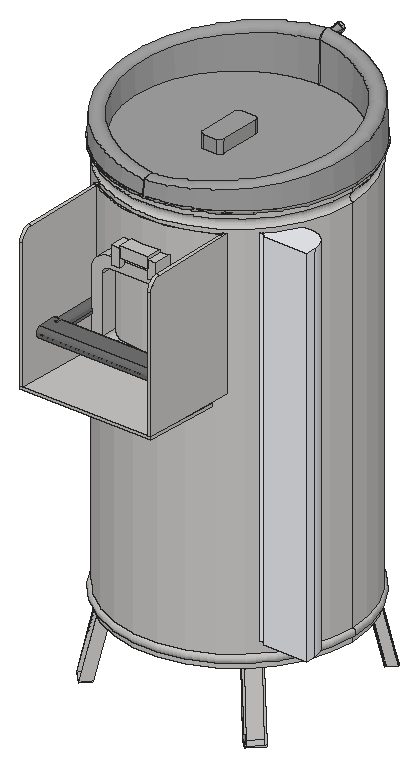
Revit family "QF_DITOSAMA_603649_DT25EF350", category Specialty Equipment, Revit 2018
Family settings
  Round Connector Dimension = Use Diameter
  Part Type = Normal
  Work Plane-Based = No
  Always vertical = Yes
  Cut with Voids When Loaded = No
  Shared = No
  Room Calculation Point = No
Parameters (values of type "QF_DITO SAMA_603649_DT25EF350")
  Weight = 83.00 kg
  Watts = 0 W
  Volts = 220 V
  URL Manufacturer = "http://www.ditosama.com"
  URL = "http://www.ditosama.com"
  Steam Supply Size = 0 mm
  Steam Supply Minimum Pressure = 0.0 Pa
  Steam Supply Maximum Pressure = 0.0 Pa
  Steam Pounds per Hour = 0
  Refrigeration Suction Line Size = 0 mm
  Refrigeration Liquid Line Size = 0 mm
  Refrigerant Compressor Remote = yes
  Manufacturer = "Dito Sama"
  Phase = 3
  Model = "DT25EF350"
  Length Actual = 585.0 mm  # constant formula
  Item Number = "603649"
  Hot Water Size = 0 mm
  Height Actual = 1215.0 mm  # constant formula
  HP = "1.2 HP"
  Gas Size = 0 mm
  Gas KW = 0
  Gas Input Pressure = 0 W
  Direct Waste Size = 80 mm
  Description = "VEG.PEELER-FLAT P+ABR.PL.25KG 230-400/50"
  Depth Actual = 785.0 mm  # constant formula
  Cycle = 50 Hz
  Condensate Return Size = 0 mm
  Compressed Air Volume = 0.0 L/s
  Compressed Air Size = 0 mm
  Compressed Air Pressure = 0.0 Pa
  Cold Water Size = 4267.2 mm
  Accessory = yes
Reference planes
  plane 1 "Center (Front/Back)": y = 0
  plane 2: z = 0
  plane 3 "Center (Left/Right)": x = 0
  plane 4 "BASE": z = 150
  plane 5 "TOP": z = 1065
  plane 6 "FRONT": y = -357.5
  plane 7 "BACK": y = 357.5
  plane 8 "LEFT": x = -292.5
  plane 9 "RIGHT": x = 292.5
  plane 10 "maxTOP": z = 1215
  plane 11 "CenterX": x = -17.5
  plane 12 "panel": y = -153.854
  plane 13 "CenterY": y = 82.5
Forms (mm)
  Extrusion 1, solid, material "QF_Finishes_White"
    sketch origin (15, 33.322, 150) x (-1, 0, 0) y (0, -1, 0)
      loop
        line (-277.5, 138.822) -> (-277.5, 113.822)
        arc (-277.5, 113.822) -> (-263.156, 79.193) -> (-228.526, 64.849) r 48.974
        line (-228.526, 64.849) -> (-207.38, 64.849)
        arc (-207.38, 64.849) -> (-187.353, 99.85) -> (-162.258, 131.415) r 265.602
        line (-162.258, 131.415) -> (-163.019, 132.176) -> (-166.936, 128.259) -> (-177.5, 138.822) -> (-277.5, 138.822)
    from 56.568 to 900.804
  Extrusion 2, solid, material "QF_Finishes_Stainless Steel"
    sketch origin (0, 0, 0) x (0, 1, 0) y (0, 0, 1)
      loop
        line (-357.5, 721.288) -> (-182.5, 713.568) -> (-182.5, 719.093) -> (-357.5, 726.813) -> (-357.5, 721.288)
    from -168.759 to 133.759
  Extrusion 3, solid, material "QF_Finishes_Stainless Steel"
    sketch origin (-44.759, 0, 0) x (0, 1, 0) y (0, 0, -1)
      loop
        line (-357.5, -726.813) -> (-357.5, -1025.804)
        arc (-357.5, -1025.804) -> (-350.178, -1043.482) -> (-332.5, -1050.804) r 25
        line (-332.5, -1050.804) -> (-127.5, -1050.804) -> (-127.5, -718.781) -> (-357.5, -726.813)
    from 117 to 124
  Extrusion 4, solid, material "QF_Finishes_Stainless Steel"
    sketch origin (0, 0, 150) x (-1, 0, 0) y (0, -1, 0)
      loop
        arc (172.251, 140.808) -> (22.607, 184.63) -> (-127.959, 144.09) r 288.186
        line (-127.959, 144.09) -> (-124.477, 136.795)
        arc (-124.477, 136.795) -> (22.609, 176.57) -> (168.759, 133.482) r 280.158
        line (168.759, 133.482) -> (172.251, 140.808)
    from 569.093 to 900.804
  Extrusion 5, solid, material "QF_Finishes_Stainless Steel"
    sketch origin (-17.5, 0, 0) x (0, 0, 1) y (0, -1, 0)
      loop
        circle (832.894, 322.843) r 7
    from -130 to 130
  Extrusion 6, solid, material "QF_Finishes_Rubber Black"
    sketch origin (-17.5, 0, 0) x (0, 0, 1) y (0, -1, 0)
      loop
        arc (844.894, 327.843) -> (822.077, 330.054) -> (832.894, 309.843) r 13
        line (832.894, 309.843) -> (832.894, 285.666)
        arc (832.894, 285.666) -> (838.894, 279.666) -> (844.894, 285.666) r 6
        line (844.894, 285.666) -> (844.894, 327.843)
    from -130 to 130
  Extrusion 7, solid, material "QF_Finishes_Rubber Black"
    sketch origin (-27.476, -357.5, 70) x (-1, 0, 0) y (0, 0, 1)
      loop
        circle (-127.5, 762.394) r 12.5
      loop
        circle (107.547, 762.394) r 12.5
    from 62.138 to 203.646
  Extrusion 8, solid, material "QF_Finishes_Stainless Steel"
    sketch origin (-17.5, 0, 195) x (1, 0, 0) y (0, 0, 1)
      loop
        line (-10, 1005) -> (-7.071, 997.929) -> (0, 995) -> (7.071, 997.929) -> (10, 1005) -> (7.071, 1012.071) -> (0, 1015) -> (-7.071, 1012.071) -> (-10, 1005)
      loop
        circle (0, 1005) r 8
    from -373.585 to -381.017
  Extrusion 9, void
    sketch origin (-17.5, 357.5, 345) x (-1, 0, 0) y (0, 0, 1)
      loop
        circle (0, 330) r 10
    from -157.442 to -143.934
  Extrusion 10, solid, material "QF_Finishes_Gray"
    sketch origin (-17.5, 0, 345) x (1, 0, 0) y (0, 0, 1)
      loop
        circle (0, 330) r 10
    from -208.033 to -187.558
  Revolve 11, solid, material "QF_Finishes_Stainless Steel"
    sketch origin (0, 82.5, 0) x (-1, 0, 0) y (0, 0, 1)
      loop
        line (17.5, 150) -> (283.102, 150) -> (283.102, 160.974)
        arc (283.102, 160.974) -> (289.638, 170.258) -> (283.102, 179.542) r 9.862
        line (283.102, 179.542) -> (283.102, 1059.542)
        arc (283.102, 1059.542) -> (276.862, 1070.408) -> (283.102, 1081.274) r 12.581
        line (283.102, 1081.274) -> (283.102, 1093.788)
        arc (283.102, 1093.788) -> (289.747, 1096.54) -> (292.5, 1103.185) r 9.398
        line (292.5, 1103.185) -> (17.5, 1103.185) -> (17.5, 150)
      axis (17.5, 150) -> (17.5, 1103.185)
    angle from 0 to 360
  SweptBlend 12, solid, material "QF_Finishes_Gray"
    path origin (64.366, 63.98, 1065) x (0.006024, 0.999982, 0) y (0.999982, -0.006024, 0)
      loop
        arc (-238.132, -80.433) -> (15.93, -336.075) -> (273.054, -83.512) r 255.602
    profile origin (-17.5, -173.664, 1065) x (-0.005849, -0.999983, 0) y (0, 0, 1)
      loop
        arc (14.696, 67.651) -> (0, 71.191) -> (-14.696, 67.651) r 32.279
        line (-14.696, 67.651) -> (-18.35, 32.886) -> (18.35, 32.886) -> (14.696, 67.651)
    end profile origin (-17.5, 337.532, 1065) x (-0.005849, 0.999983, 0) y (0, 0, 1)
      loop
        line (-19.398, 32.914) -> (19.398, 32.914) -> (17.099, 133.288)
        arc (17.099, 133.288) -> (0, 150) -> (-17.099, 133.288) r 17.104
        line (-17.099, 133.288) -> (-19.398, 32.914)
  SweptBlend 13, solid, material "QF_Finishes_Gray"
    path origin (0, 0, 1065) x (-1, 0, 0) y (0, -1, 0)
      loop
        arc (17.5, 173.664) -> (-236.607, -81.934) -> (17.5, -337.532) r 255.602
    profile origin (-17.5, -173.664, 1065) x (-0.005849, 0.999983, 0) y (0, 0, 1)
      loop
        line (-14.798, 67.651) -> (-18.452, 32.886) -> (18.247, 32.886) -> (14.593, 67.651)
        spline (14.593, 67.651) -> (12.286, 68.719) -> (9.902, 69.601) -> (7.456, 70.293) -> (4.962, 70.791) -> (2.438, 71.091) -> (-0.102, 71.191) -> (-2.643, 71.091) -> (-5.167, 70.791) -> (-7.66, 70.293) -> (-10.107, 69.601) -> (-12.491, 68.719) -> (-14.798, 67.651)
    end profile origin (-17.5, 337.532, 1065) x (-0.005849, -0.999983, 0) y (0, 0, 1)
      loop
        line (-19.499, 32.914) -> (19.295, 32.914) -> (16.996, 133.288)
        spline (16.996, 133.288) -> (16.332, 137.632) -> (14.582, 141.664) -> (11.863, 145.117) -> (8.354, 147.762) -> (4.287, 149.427) -> (-0.071, 150) -> (-4.43, 149.443) -> (-8.504, 147.794) -> (-12.023, 145.161) -> (-14.755, 141.719) -> (-16.519, 137.694) -> (-17.2, 133.352)
        line (-17.2, 133.352) -> (-19.499, 32.914)
  Extrusion 14, solid, material "QF_Finishes_Gray"
    sketch origin (0, 0, 1065) x (-1, 0, 0) y (0, -1, 0)
      loop
        line (2.5, -112.5) -> (32.5, -112.5)
        arc (32.5, -112.5) -> (39.571, -109.571) -> (42.5, -102.5) r 10
        line (42.5, -102.5) -> (42.5, -12.5)
        arc (42.5, -12.5) -> (39.571, -5.429) -> (32.5, -2.5) r 10
        line (32.5, -2.5) -> (2.5, -2.5)
        arc (2.5, -2.5) -> (-4.571, -5.429) -> (-7.5, -12.5) r 10
        line (-7.5, -12.5) -> (-7.5, -102.5)
        arc (-7.5, -102.5) -> (-4.571, -109.571) -> (2.5, -112.5) r 10
    from 43.406 to 72.383
  Extrusion 15, solid, material "QF_Finishes_Gray"
    sketch origin (0, 0, 1065) x (-1, 0, 0) y (0, -1, 0)
      loop
        circle (16.002, -81.495) r 236.723
    from 43.406 to 38.185
  Extrusion 16, solid, material "QF_Finishes_Stainless Steel"
    sketch origin (9.759, 0, 0) x (0, 1, 0) y (0, 0, 1)
      loop
        line (-357.5, 726.813) -> (-136.795, 719.106) -> (-136.795, 1050.804) -> (-332.5, 1050.804)
        arc (-332.5, 1050.804) -> (-350.178, 1043.482) -> (-357.5, 1025.804) r 25
        line (-357.5, 1025.804) -> (-357.5, 726.813)
    from 117 to 124
  Extrusion 17, solid, material "QF_Finishes_Stainless Steel"
    sketch origin (0, -357.5, 0) x (-1, 0, 0) y (0, 0, 1)
      loop
        line (69.293, 991.706) -> (49.293, 991.706) -> (49.293, 951.706) -> (69.293, 951.706) -> (69.293, 991.706)
      loop
        line (-34.293, 991.706) -> (-34.293, 951.706) -> (-14.293, 951.706) -> (-14.293, 991.706) -> (-34.293, 991.706)
    from 140 to 197
  Extrusion 18, solid, material "QF_Finishes_Stainless Steel"
    sketch origin (5, -357.5, 0) x (-1, 0, 0) y (0, 0, 1)
      loop
        line (87.5, 959.894) -> (-42.5, 959.894)
        arc (-42.5, 959.894) -> (-70.784, 948.178) -> (-82.5, 919.894) r 40
        line (-82.5, 919.894) -> (-82.5, 789.894)
        arc (-82.5, 789.894) -> (-70.784, 761.609) -> (-42.5, 749.894) r 40
        line (-42.5, 749.894) -> (87.5, 749.894)
        arc (87.5, 749.894) -> (115.784, 761.609) -> (127.5, 789.894) r 40
        line (127.5, 789.894) -> (127.5, 919.894)
        arc (127.5, 919.894) -> (115.784, 948.178) -> (87.5, 959.894) r 40
      loop
        line (87.5, 934.894) -> (-42.5, 934.894)
        arc (-42.5, 934.894) -> (-53.107, 930.5) -> (-57.5, 919.894) r 15
        line (-57.5, 919.894) -> (-57.5, 789.894)
        arc (-57.5, 789.894) -> (-53.107, 779.287) -> (-42.5, 774.894) r 15
        line (-42.5, 774.894) -> (87.5, 774.894)
        arc (87.5, 774.894) -> (98.107, 779.287) -> (102.5, 789.894) r 15
        line (102.5, 789.894) -> (102.5, 919.894)
        arc (102.5, 919.894) -> (98.107, 930.5) -> (87.5, 934.894) r 15
    from 150 to 197
  Extrusion 19, solid, material "QF_Finishes_Stainless Steel"
    sketch origin (0, -357.5, 0) x (-1, 0, 0) y (0, 0, 1)
      loop
        line (-14.293, 971.706) -> (49.293, 971.706) -> (49.293, 996.706) -> (-14.293, 996.706) -> (-14.293, 971.706)
    from 197 to 140
  Blend 20, solid, material "QF_Finishes_Stainless Steel"
    base sketch origin (0, 0, 0) x (1, 0, 0) y (0, 1, 0)
      loop
        line (201.823, -108.539) -> (184.146, -90.861) -> (155.861, -119.146) -> (173.539, -136.823) -> (174.953, -135.409) -> (158.69, -119.146) -> (184.146, -93.69) -> (200.409, -109.953) -> (201.823, -108.539)
    top sketch origin (0, 0, 0) x (1, 0, 0) y (0, 1, 0)
      loop
        line (176.754, -83.47) -> (159.077, -65.792) -> (130.792, -94.077) -> (148.47, -111.754) -> (149.884, -110.34) -> (133.621, -94.077) -> (159.077, -68.621) -> (175.34, -84.884) -> (176.754, -83.47)
    from 0 to 150
  Blend 21, solid, material "QF_Finishes_Stainless Steel"
    base sketch origin (0, 0, 0) x (1, 0, 0) y (0, 1, 0)
      loop
        line (-236.823, -108.539) -> (-235.409, -109.953) -> (-219.146, -93.69) -> (-193.69, -119.146) -> (-209.953, -135.409) -> (-208.539, -136.823) -> (-190.861, -119.146) -> (-219.146, -90.861) -> (-236.823, -108.539)
    top sketch origin (0, 0, 0) x (1, 0, 0) y (0, 1, 0)
      loop
        line (-211.754, -83.47) -> (-210.34, -84.884) -> (-194.077, -68.621) -> (-168.621, -94.077) -> (-184.884, -110.34) -> (-183.47, -111.754) -> (-165.792, -94.077) -> (-194.077, -65.792) -> (-211.754, -83.47)
    from 0 to 150
  Blend 22, solid, material "QF_Finishes_Stainless Steel"
    base sketch origin (0, 0, 0) x (1, 0, 0) y (0, 1, 0)
      loop
        line (201.823, 273.539) -> (200.409, 274.953) -> (184.146, 258.69) -> (158.69, 284.146) -> (174.953, 300.409) -> (173.539, 301.823) -> (155.861, 284.146) -> (184.146, 255.861) -> (201.823, 273.539)
    top sketch origin (0, 0, 0) x (1, 0, 0) y (0, 1, 0)
      loop
        line (176.754, 248.47) -> (175.34, 249.884) -> (159.077, 233.621) -> (133.621, 259.077) -> (149.884, 275.34) -> (148.47, 276.754) -> (130.792, 259.077) -> (159.077, 230.792) -> (176.754, 248.47)
    from 0 to 150
  Blend 23, solid, material "QF_Finishes_Stainless Steel"
    base sketch origin (0, 0, 0) x (1, 0, 0) y (0, 1, 0)
      loop
        line (-236.823, 273.539) -> (-219.146, 255.861) -> (-190.861, 284.146) -> (-208.539, 301.823) -> (-209.953, 300.409) -> (-193.69, 284.146) -> (-219.146, 258.69) -> (-235.409, 274.953) -> (-236.823, 273.539)
    top sketch origin (0, 0, 0) x (1, 0, 0) y (0, 1, 0)
      loop
        line (-211.754, 248.47) -> (-194.077, 230.792) -> (-165.792, 259.077) -> (-183.47, 276.754) -> (-184.884, 275.34) -> (-168.621, 259.077) -> (-194.077, 233.621) -> (-210.34, 249.884) -> (-211.754, 248.47)
    from 0 to 150
  Extrusion 24, solid, material "QF_Finishes_Stainless Steel"
    sketch origin (0, 0, 0) x (1, 0, 0) y (0, 1, 0)
      loop
        line (-219.146, -90.861) -> (-236.823, -108.539) -> (-208.539, -136.823) -> (-190.861, -119.146) -> (-219.146, -90.861)
    from 0 to 3
  Extrusion 25, solid, material "QF_Finishes_Stainless Steel"
    sketch origin (-35, 0, 0) x (-1, 0, 0) y (0, -1, 0)
      loop
        line (-219.146, 90.861) -> (-190.861, 119.146) -> (-208.539, 136.823) -> (-236.823, 108.539) -> (-219.146, 90.861)
    from 0 to 3
  Extrusion 26, solid, material "QF_Finishes_Stainless Steel"
    sketch origin (0, 165, 0) x (1, 0, 0) y (0, 1, 0)
      loop
        line (-219.146, 90.861) -> (-190.861, 119.146) -> (-208.539, 136.823) -> (-236.823, 108.539) -> (-219.146, 90.861)
    from 0 to 3
  Extrusion 27, solid, material "QF_Finishes_Stainless Steel"
    sketch origin (-35, 165, 0) x (-1, 0, 0) y (0, -1, 0)
      loop
        line (-219.146, -90.861) -> (-236.823, -108.539) -> (-208.539, -136.823) -> (-190.861, -119.146) -> (-219.146, -90.861)
    from 0 to 3
  Blend 28, solid, material "QF_Finishes_Stainless Steel"
    base sketch origin (0, 357.5, 0) x (-1, 0, 0) y (0, 0, 1)
      loop
        circle (17.5, 550) r 45
    top sketch origin (0, 357.5, 0) x (-1, 0, 0) y (0, 0, 1)
      loop
        circle (17.5, 530) r 45
    from 0 to 51.203
  Extrusion 29, void
    sketch origin (0, 357.5, 0) x (-1, 0, 0) y (0, 0, 1)
      loop
        circle (17.5, 1200) r 8
    from -9.874 to -2.231
  Extrusion 30, solid, material "QF_Finishes_Gray"
    sketch origin (0, -357.5, 0) x (-1, 0, 0) y (0, 0, 1)
      loop
        circle (17.5, 1200) r 8
      loop
        circle (17.5, 1200) r 7
    from 705.126 to 731.085
Cuts and joins
  Extrusion 29 cuts SweptBlend 13
Lines and regions (mm)
  Split face 1
    outline origin (292.5, -105.5, 150) x (-1, 0, 0) y (0, 0, -1)
      loop
        line (84.915, -856.837) -> (84.915, -839.525) -> (34.311, -839.525) -> (34.311, -856.837) -> (84.915, -856.837)
  Split face 2
    outline origin (292.5, -105.5, 150) x (-1, 0, 0) y (0, 0, -1)
      loop
        line (78.34, -826.435) -> (78.34, -833.394) -> (83.261, -838.314) -> (90.22, -838.314) -> (95.141, -833.394) -> (95.141, -826.435) -> (90.22, -821.514) -> (83.261, -821.514) -> (78.34, -826.435)
  Split face 3
    outline origin (327.5, -105.5, 150) x (-1, 0, 0) y (0, 0, -1)
      loop
        line (60.435, -826.435) -> (60.435, -833.394) -> (65.356, -838.314) -> (72.315, -838.314) -> (77.236, -833.394) -> (77.236, -826.435) -> (72.315, -821.514) -> (65.356, -821.514) -> (60.435, -826.435)
  Split face 4
    outline origin (292.5, -105.5, 100) x (-1, 0, 0) y (0, 0, -1)
      loop
        line (78.34, -826.435) -> (78.34, -833.394) -> (83.261, -838.314) -> (90.22, -838.314) -> (95.141, -833.394) -> (95.141, -826.435) -> (90.22, -821.514) -> (83.261, -821.514) -> (78.34, -826.435)
  Split face 5
    outline origin (327.5, -105.5, 100) x (-1, 0, 0) y (0, 0, -1)
      loop
        line (60.435, -826.435) -> (60.435, -833.394) -> (65.356, -838.314) -> (72.315, -838.314) -> (77.236, -833.394) -> (77.236, -826.435) -> (72.315, -821.514) -> (65.356, -821.514) -> (60.435, -826.435)
  symbolic lines
    curve 1: circle (-17.5, 82.5, 0) r 275 normal (0, 0, 1)
    curve 2: line (-225.582, 262.297, 0) -> (-236.823, 273.539, 0)
    curve 3: line (-236.823, 273.539, 0) -> (-208.539, 301.823, 0)
    curve 4: line (-208.539, 301.823, 0) -> (-197.297, 290.582, 0)
    curve 5: line (190.582, 262.297, 0) -> (201.823, 273.539, 0)
    curve 6: line (201.823, 273.539, 0) -> (173.539, 301.823, 0)
    curve 7: line (173.539, 301.823, 0) -> (162.297, 290.582, 0)
    curve 8: line (-225.582, -97.297, 0) -> (-236.823, -108.539, 0)
    curve 9: line (-236.823, -108.539, 0) -> (-208.539, -136.823, 0)
    curve 10: line (-208.539, -136.823, 0) -> (-197.297, -125.582, 0)
    curve 11: line (198.784, -105.5, 0) -> (201.823, -108.539, 0)
    curve 12: line (201.823, -108.539, 0) -> (173.539, -136.823, 0)
    curve 13: line (173.539, -136.823, 0) -> (162.297, -125.582, 0)
    curve 14: line (-42.5, 102.5, 0) -> (-42.5, 12.5, 0)
    curve 15: line (7.5, 12.5, 0) -> (7.5, 102.5, 0)
    curve 16: arc (7.5, 102.5, 0) -> (4.571, 109.571, 0) -> (-2.5, 112.5, 0) r 10
    curve 17: line (-2.5, 112.5, 0) -> (-32.5, 112.5, 0)
    curve 18: arc (-32.5, 112.5, 0) -> (-39.571, 109.571, 0) -> (-42.5, 102.5, 0) r 10
    curve 19: arc (-42.5, 12.5, 0) -> (-39.571, 5.429, 0) -> (-32.5, 2.5, 0) r 10
    curve 20: line (-32.5, 2.5, 0) -> (-2.5, 2.5, 0)
    curve 21: arc (-2.5, 2.5, 0) -> (4.571, 5.429, 0) -> (7.5, 12.5, 0) r 10
    curve 22: line (192.5, -105.5, 0) -> (292.5, -105.5, 0)
    curve 23: line (292.5, -105.5, 0) -> (292.5, -80.5, 0)
    curve 24: arc (292.5, -80.5, 0) -> (278.156, -45.87, 0) -> (243.526, -31.526, 0) r 48.974
    curve 25: line (243.526, -31.526, 0) -> (232.746, -31.526, 0)
    curve 26: line (187.643, -100.643, 0) -> (192.5, -105.5, 0)
    curve 27: line (-168.759, -147.164, 0) -> (-168.759, -357.5, 0)
    curve 28: line (-161.759, -357.5, 0) -> (-161.759, -151.624, 0)
    curve 29: line (-168.759, -357.5, 0) -> (133.759, -357.5, 0)
    curve 30: line (-147.5, -327.843, 0) -> (112.5, -327.843, 0)
    curve 31: line (-69.293, -217.5, 0) -> (34.293, -217.5, 0)
    curve 32: line (-69.293, -187.579, 0) -> (-69.293, -217.5, 0)
    curve 33: line (-49.293, -190.656, 0) -> (-49.293, -217.5, 0)
    curve 34: line (14.293, -217.5, 0) -> (14.293, -190.656, 0)
    curve 35: line (34.293, -217.5, 0) -> (34.293, -187.579, 0)
    curve 36: line (126.759, -151.624, 0) -> (126.759, -357.5, 0)
    curve 37: line (133.759, -357.5, 0) -> (133.759, -147.164, 0)
    curve 38: line (-147.5, -182.5, 0) -> (-161.759, -182.5, 0)
    curve 39: line (-122.5, -207.5, 0) -> (-69.293, -207.5, 0)
    curve 40: line (-122.5, -171.665, 0) -> (-122.5, -281.665, 0)
    curve 41: line (87.5, -207.5, 0) -> (34.293, -207.5, 0)
    curve 42: line (87.5, -171.665, 0) -> (87.5, -281.665, 0)
    curve 43: line (-122.5, -281.665, 0) -> (87.5, -281.665, 0)
    curve 44: line (-147.5, -159.832, 0) -> (-147.5, -327.843, 0)
    curve 45: line (112.5, -159.832, 0) -> (112.5, -327.843, 0)
    curve 46: circle (-17.5, 82.5, 0) r 236.033 normal (0, 0, 1)
Dimensions and locks
  plane 4 "BASE" to level = 150.0 mm
  plane 5 "TOP" to level = 1065.0 mm
  equal spacing: plane 8 "LEFT", plane 3 "Center (Left/Right)", plane 9 "RIGHT"
  equal spacing: plane 7 "BACK", plane 1 "Center (Front/Back)", plane 6 "FRONT"
  plane 5 "TOP" to plane 4 "BASE" to plane 2 = 915.0 mm, 150.0 mm
  plane 5 "TOP" to plane 2 = 1065.0 mm
  plane 10 "maxTOP" to plane 2 = 1215.0 mm  (x2)
  plane 10 "maxTOP" to plane 4 "BASE" = 1065.0 mm
  plane 6 "FRONT" to plane 1 "Center (Front/Back)" to plane 7 "BACK" = 357.5 mm, 357.5 mm
  plane 9 "RIGHT" to plane 8 "LEFT" = 585.0 mm
  plane 6 "FRONT" to plane 7 "BACK" = 715.0 mm
  plane 9 "RIGHT" to plane 3 "Center (Left/Right)" to plane 8 "LEFT" = 292.5 mm, 292.5 mm
  plane 8 "LEFT" to plane 9 "RIGHT" = 585.0 mm
  plane 7 "BACK" to plane 6 "FRONT" = 715.0 mm
  plane 5 "TOP" to plane 4 "BASE" = 915.0 mm
  plane 8 "LEFT" to plane 11 "CenterX" = 275.0 mm
  plane 7 "BACK" to plane 13 "CenterY" = 275.0 mm
  plane 6 "FRONT" to Extrusion 2 = 175.0 mm
  aligned and locked: level to plane 2
Automatic sketch dimensions
  Extrusion 1 sketch curve to plane 9 "RIGHT" = 0.0 mm
  Extrusion 1 sketch curve to plane 11 "CenterX" = 0.0 mm
  Extrusion 1 sketch curve to plane 13 "CenterY" = 0.0 mm
  Extrusion 1 sketch curve to Extrusion 1 sketch curve = 48.974 mm
  Extrusion 1 sketch curve to Extrusion 1 sketch curve = 21.146 mm
  Extrusion 1 sketch curve to Extrusion 1 sketch curve = 51.026 mm
  Extrusion 1 sketch curve to plane 12 "panel" = 58.917 mm
  Extrusion 1 sketch curve to Extrusion 1 sketch curve = 10.564 mm
  Extrusion 1 sketch curve to plane 12 "panel" = 55.0 mm
  Extrusion 1 sketch curve to Extrusion 1 sketch curve = 3.917 mm
  plane 1 "Center (Front/Back)" to Extrusion 1 sketch curve = 98.093 mm
  Extrusion 2 sketch curve to plane 6 "FRONT" = 0.0 mm
  plane 12 "panel" to Extrusion 2 sketch curve = 28.646 mm
  Extrusion 2 sketch curve to plane 5 "TOP" = 351.432 mm
  Extrusion 2 sketch curve to Extrusion 2 sketch curve = 5.525 mm  (x2)
  Extrusion 2 sketch curve to Extrusion 2 sketch curve = 2.195 mm
  Extrusion 3 sketch curve to plane 6 "FRONT" = 0.0 mm
  Extrusion 3 sketch curve to plane 5 "TOP" = 14.196 mm
  plane 6 "FRONT" to Extrusion 3 sketch curve = 25.0 mm
  Extrusion 3 sketch curve to plane 12 "panel" = 26.354 mm
  Extrusion 3 sketch curve to Extrusion 3 sketch curve = 298.991 mm
  Extrusion 3 sketch curve to Extrusion 3 sketch curve = 8.032 mm
  Extrusion 4 sketch curve to plane 12 "panel" = 9.763 mm
  plane 3 "Center (Left/Right)" to Extrusion 4 sketch curve = 127.959 mm
  Extrusion 4 sketch curve to plane 12 "panel" = 17.059 mm
  Extrusion 4 sketch curve to Extrusion 4 sketch curve = 3.482 mm
  Extrusion 4 sketch curve to plane 11 "CenterX" = 1.945 mm
  Extrusion 4 sketch curve to Extrusion 4 sketch curve = 0.012 mm
  Extrusion 4 sketch curve to plane 12 "panel" = 20.372 mm
  Extrusion 4 sketch curve to plane 3 "Center (Left/Right)" = 168.759 mm
  Extrusion 4 sketch curve to plane 12 "panel" = 13.046 mm
  Extrusion 4 sketch curve to Extrusion 4 sketch curve = 3.491 mm
  Extrusion 5 sketch curve to Extrusion 5 sketch curve = 0.0 mm  (x2)
  plane 6 "FRONT" to Extrusion 5 sketch curve = 34.657 mm
  Extrusion 5 sketch curve to plane 5 "TOP" = 232.106 mm
  Extrusion 5 sketch curve to Extrusion 5 sketch curve = 7.0 mm
  plane 6 "FRONT" to Extrusion 6 sketch curve = 47.657 mm
  Extrusion 6 sketch curve to plane 5 "TOP" = 232.106 mm
  Extrusion 6 sketch curve to Extrusion 6 sketch curve = 6.0 mm
  Extrusion 6 sketch curve to Extrusion 6 sketch curve = 24.177 mm
  Extrusion 6 sketch curve to Extrusion 6 sketch curve = 13.0 mm
  plane 3 "Center (Left/Right)" to Extrusion 7 sketch curve = 100.024 mm
  Extrusion 7 sketch curve to plane 11 "CenterX" = 117.524 mm
  Extrusion 7 sketch curve to plane 5 "TOP" = 232.606 mm  (x2)
  Extrusion 8 sketch curve to plane 11 "CenterX" = 0.0 mm  (x3)
  Extrusion 8 sketch curve to plane 11 "CenterX" = 7.071 mm  (x2)
  Extrusion 8 sketch curve to Extrusion 8 sketch curve = 2.929 mm  (x4)
  plane 11 "CenterX" to Extrusion 8 sketch curve = 7.071 mm  (x2)
  Extrusion 8 sketch curve to plane 3 "Center (Left/Right)" = 7.5 mm
  plane 5 "TOP" to Extrusion 8 sketch curve = 125.0 mm
  Extrusion 8 sketch curve to Extrusion 8 sketch curve = 7.071 mm  (x4)
  Extrusion 8 sketch curve to Extrusion 8 sketch curve = 10.0 mm
  Extrusion 9 sketch curve to plane 3 "Center (Left/Right)" = 17.5 mm
  plane 4 "BASE" to Extrusion 9 sketch curve = 525.0 mm
  Extrusion 10 sketch curve to plane 3 "Center (Left/Right)" = 17.5 mm
  plane 4 "BASE" to Extrusion 10 sketch curve = 525.0 mm
  Split face 1 sketch curve to Extrusion 1 = 34.311 mm
  Split face 1 sketch curve to Extrusion 1 = 15.085 mm
  Split face 1 sketch curve to Extrusion 1 = 43.967 mm
  Split face 1 sketch curve to Split face 1 sketch curve = 17.312 mm
  Split face 2 sketch curve to Extrusion 1 = 21.66 mm
  Split face 2 sketch curve to Split face 2 sketch curve = 4.921 mm  (x5)
  Split face 2 sketch curve to Split face 2 sketch curve = 6.959 mm  (x4)
  Split face 2 sketch curve to Extrusion 1 = 4.859 mm
  Split face 2 sketch curve to Extrusion 1 = 62.49 mm
  Split face 3 sketch curve to Extrusion 1 = 25.435 mm
  Split face 3 sketch curve to Split face 3 sketch curve = 4.921 mm  (x6)
  Split face 3 sketch curve to Split face 3 sketch curve = 6.959 mm  (x4)
  Split face 3 sketch curve to Extrusion 1 = 62.49 mm
  Split face 4 sketch curve to Extrusion 1 = 21.66 mm
  Split face 4 sketch curve to Split face 4 sketch curve = 4.921 mm  (x5)
  Split face 4 sketch curve to Split face 4 sketch curve = 6.959 mm  (x4)
  Split face 4 sketch curve to Extrusion 1 = 4.859 mm
  Split face 4 sketch curve to Extrusion 1 = 112.49 mm
  Split face 5 sketch curve to Extrusion 1 = 25.435 mm
  Split face 5 sketch curve to Split face 5 sketch curve = 4.921 mm  (x6)
  Split face 5 sketch curve to Split face 5 sketch curve = 6.959 mm  (x4)
  Split face 5 sketch curve to Extrusion 1 = 112.49 mm
  Revolve 11 sketch curve to plane 4 "BASE" = 0.0 mm  (x2)
  Revolve 11 sketch curve to plane 11 "CenterX" = 0.0 mm  (x2)
  Revolve 11 sketch curve to plane 8 "LEFT" = 0.0 mm
  plane 8 "LEFT" to Revolve 11 sketch curve = 12.724 mm
  plane 8 "LEFT" to Revolve 11 sketch curve = 9.398 mm  (x3)
  plane 8 "LEFT" to Revolve 11 sketch curve = 3.057 mm
  plane 4 "BASE" to Revolve 11 sketch curve = 10.974 mm
  Revolve 11 sketch curve to Revolve 11 sketch curve = 9.284 mm
  Revolve 11 sketch curve to plane 5 "TOP" = 5.458 mm
  plane 5 "TOP" to Revolve 11 sketch curve = 5.408 mm
  Revolve 11 sketch curve to Revolve 11 sketch curve = 12.513 mm
  plane 10 "maxTOP" to Revolve 11 sketch curve = 75.0 mm
  SweptBlend 12 sketch curve to plane 11 "CenterX" = 0.0 mm  (x2)
  plane 13 "CenterY" to SweptBlend 12 sketch curve = 0.566 mm
  SweptBlend 12 sketch curve to plane 11 "CenterX" = 1.495 mm
  SweptBlend 12 sketch curve to SweptBlend 12 sketch curve = 255.602 mm
  SweptBlend 12 sketch curve to profile plane = 0.0 mm  (x2)
  profile plane to SweptBlend 12 sketch curve = 14.696 mm
  profile plane to SweptBlend 12 sketch curve = 18.35 mm
  SweptBlend 12 sketch curve to profile plane = 14.696 mm
  SweptBlend 12 sketch curve to profile plane = 18.35 mm
  plane 5 "TOP" to SweptBlend 12 sketch curve = 32.886 mm
  SweptBlend 12 sketch curve to SweptBlend 12 sketch curve = 6.026 mm
  SweptBlend 12 sketch curve to SweptBlend 12 sketch curve = 28.739 mm
  profile plane to SweptBlend 12 sketch curve = 17.099 mm
  profile plane to SweptBlend 12 sketch curve = 19.398 mm
  SweptBlend 12 sketch curve to profile plane = 17.099 mm
  SweptBlend 12 sketch curve to profile plane = 19.398 mm
  plane 5 "TOP" to SweptBlend 12 sketch curve = 32.914 mm
  SweptBlend 12 sketch curve to SweptBlend 12 sketch curve = 99.982 mm
  SweptBlend 12 sketch curve to SweptBlend 12 sketch curve = 0.392 mm
  SweptBlend 13 sketch curve to plane 11 "CenterX" = 0.0 mm  (x2)
  SweptBlend 13 sketch curve to plane 13 "CenterY" = 0.566 mm
  SweptBlend 13 sketch curve to plane 11 "CenterX" = 1.495 mm
  SweptBlend 13 sketch curve to plane 7 "BACK" = 19.968 mm
  profile plane to SweptBlend 13 sketch curve = 18.452 mm
  profile plane to SweptBlend 13 sketch curve = 14.798 mm
  SweptBlend 13 sketch curve to profile plane = 14.593 mm
  SweptBlend 13 sketch curve to profile plane = 18.247 mm
  plane 5 "TOP" to SweptBlend 13 sketch curve = 32.886 mm
  SweptBlend 13 sketch curve to SweptBlend 13 sketch curve = 34.765 mm
  SweptBlend 13 sketch curve to SweptBlend 13 sketch curve = 0.0 mm  (x3)
  SweptBlend 13 sketch curve to SweptBlend 13 sketch curve = 6.026 mm
  SweptBlend 13 sketch curve to SweptBlend 13 sketch curve = 3.54 mm
  profile plane to SweptBlend 13 sketch curve = 19.499 mm
  profile plane to SweptBlend 13 sketch curve = 17.2 mm
  SweptBlend 13 sketch curve to profile plane = 19.295 mm
  plane 5 "TOP" to SweptBlend 13 sketch curve = 32.914 mm
  SweptBlend 13 sketch curve to SweptBlend 13 sketch curve = 100.438 mm
  profile plane to SweptBlend 13 sketch curve = 0.103 mm
  SweptBlend 13 sketch curve to profile plane = 16.996 mm
  SweptBlend 13 sketch curve to SweptBlend 13 sketch curve = 0.456 mm
  SweptBlend 13 sketch curve to SweptBlend 13 sketch curve = 0.392 mm
  plane 3 "Center (Left/Right)" to Extrusion 14 sketch curve = 7.5 mm
  Extrusion 14 sketch curve to plane 3 "Center (Left/Right)" = 2.5 mm  (x2)
  Extrusion 14 sketch curve to plane 1 "Center (Front/Back)" = 2.5 mm
  Extrusion 14 sketch curve to plane 11 "CenterX" = 15.0 mm  (x2)
  Extrusion 14 sketch curve to Extrusion 14 sketch curve = 10.0 mm
  plane 13 "CenterY" to Extrusion 14 sketch curve = 20.0 mm
  plane 11 "CenterX" to Extrusion 15 sketch curve = 1.498 mm
  Extrusion 15 sketch curve to plane 13 "CenterY" = 1.005 mm
  Extrusion 16 sketch curve to plane 6 "FRONT" = 0.0 mm
  Extrusion 16 sketch curve to plane 5 "TOP" = 14.196 mm
  plane 6 "FRONT" to Extrusion 16 sketch curve = 25.0 mm
  Extrusion 16 sketch curve to plane 12 "panel" = 17.059 mm
  Extrusion 16 sketch curve to Extrusion 16 sketch curve = 298.991 mm
  Extrusion 16 sketch curve to Extrusion 16 sketch curve = 7.707 mm
  plane 3 "Center (Left/Right)" to Extrusion 17 sketch curve = 34.293 mm
  plane 3 "Center (Left/Right)" to Extrusion 17 sketch curve = 14.293 mm
  Extrusion 17 sketch curve to plane 11 "CenterX" = 31.793 mm
  Extrusion 17 sketch curve to Extrusion 17 sketch curve = 20.0 mm
  Extrusion 17 sketch curve to plane 5 "TOP" = 113.294 mm
  Extrusion 17 sketch curve to Extrusion 17 sketch curve = 0.0 mm
  Extrusion 17 sketch curve to Extrusion 17 sketch curve = 40.0 mm  (x2)
  Extrusion 18 sketch curve to Extrusion 18 sketch curve = 0.0 mm  (x8)
  plane 3 "Center (Left/Right)" to Extrusion 18 sketch curve = 87.5 mm
  Extrusion 18 sketch curve to Extrusion 18 sketch curve = 25.0 mm
  Extrusion 18 sketch curve to Extrusion 18 sketch curve = 15.0 mm  (x3)
  Extrusion 18 sketch curve to plane 11 "CenterX" = 65.0 mm  (x2)
  Extrusion 18 sketch curve to plane 5 "TOP" = 315.106 mm
  Extrusion 18 sketch curve to Extrusion 18 sketch curve = 130.0 mm
  plane 3 "Center (Left/Right)" to Extrusion 19 sketch curve = 14.293 mm
  Extrusion 19 sketch curve to plane 11 "CenterX" = 31.793 mm
  Extrusion 19 sketch curve to plane 5 "TOP" = 93.294 mm
  Extrusion 19 sketch curve to Extrusion 19 sketch curve = 25.0 mm
  plane 9 "RIGHT" to Blend 20 sketch curve = 136.639 mm
  Blend 20 sketch curve to plane 12 "panel" = 34.708 mm
  Blend 20 sketch curve to Blend 20 sketch curve = 2.828 mm  (x2)
  Blend 20 sketch curve to plane 12 "panel" = 17.03 mm
  Blend 20 sketch curve to Blend 20 sketch curve = 14.849 mm  (x2)
  Blend 20 sketch curve to plane 12 "panel" = 18.444 mm
  Blend 20 sketch curve to plane 12 "panel" = 62.992 mm
  Blend 20 sketch curve to plane 12 "panel" = 60.164 mm
  Blend 20 sketch curve to plane 12 "panel" = 43.9 mm
  plane 3 "Center (Left/Right)" to Blend 20 sketch curve = 130.792 mm
  Blend 20 sketch curve to plane 12 "panel" = 42.099 mm
  Blend 20 sketch curve to plane 12 "panel" = 43.514 mm
  Blend 20 sketch curve to Blend 20 sketch curve = 1.414 mm
  plane 1 "Center (Front/Back)" to Blend 20 sketch curve = 65.792 mm
  plane 1 "Center (Front/Back)" to Blend 20 sketch curve = 68.621 mm
  Blend 20 sketch curve to plane 12 "panel" = 68.969 mm
  plane 8 "LEFT" to Blend 21 sketch curve = 55.677 mm
  Blend 21 sketch curve to Blend 21 sketch curve = 1.414 mm  (x4)
  Blend 21 sketch curve to Blend 21 sketch curve = 16.263 mm  (x2)
  Blend 21 sketch curve to Blend 21 sketch curve = 0.0 mm
  Blend 21 sketch curve to plane 12 "panel" = 18.444 mm
  Blend 21 sketch curve to Blend 21 sketch curve = 25.456 mm  (x2)
  Blend 21 sketch curve to plane 12 "panel" = 17.03 mm
  Blend 21 sketch curve to plane 12 "panel" = 34.708 mm
  plane 8 "LEFT" to Blend 21 sketch curve = 80.746 mm
  plane 1 "Center (Front/Back)" to Blend 21 sketch curve = 68.621 mm
  plane 1 "Center (Front/Back)" to Blend 21 sketch curve = 65.792 mm
  Blend 21 sketch curve to plane 12 "panel" = 43.514 mm
  Blend 21 sketch curve to plane 12 "panel" = 42.099 mm
  plane 9 "RIGHT" to Blend 22 sketch curve = 136.639 mm
  Blend 22 sketch curve to plane 7 "BACK" = 73.354 mm
  Blend 22 sketch curve to Blend 22 sketch curve = 2.828 mm  (x2)
  Blend 22 sketch curve to plane 7 "BACK" = 55.677 mm
  Blend 22 sketch curve to Blend 22 sketch curve = 14.849 mm  (x2)
  Blend 22 sketch curve to plane 7 "BACK" = 57.091 mm
  Blend 22 sketch curve to plane 7 "BACK" = 101.639 mm
  Blend 22 sketch curve to plane 7 "BACK" = 98.81 mm
  Blend 22 sketch curve to plane 7 "BACK" = 82.547 mm
  plane 3 "Center (Left/Right)" to Blend 22 sketch curve = 130.792 mm
  Blend 22 sketch curve to plane 7 "BACK" = 98.423 mm
  Blend 22 sketch curve to plane 7 "BACK" = 80.746 mm
  Blend 22 sketch curve to plane 7 "BACK" = 82.16 mm
  Blend 22 sketch curve to plane 7 "BACK" = 126.708 mm
  Blend 22 sketch curve to plane 7 "BACK" = 123.879 mm
  Blend 22 sketch curve to plane 7 "BACK" = 107.616 mm
  plane 8 "LEFT" to Blend 23 sketch curve = 55.677 mm
  Blend 23 sketch curve to Blend 23 sketch curve = 1.414 mm  (x4)
  Blend 23 sketch curve to Blend 23 sketch curve = 16.263 mm  (x4)
  Blend 23 sketch curve to Blend 23 sketch curve = 0.0 mm  (x2)
  Blend 23 sketch curve to Blend 23 sketch curve = 25.456 mm  (x2)
  Blend 23 sketch curve to plane 7 "BACK" = 55.677 mm
  Blend 23 sketch curve to plane 7 "BACK" = 73.354 mm
  plane 8 "LEFT" to Blend 23 sketch curve = 80.746 mm
  Blend 23 sketch curve to plane 7 "BACK" = 80.746 mm
  Blend 23 sketch curve to plane 7 "BACK" = 98.423 mm
  plane 8 "LEFT" to Extrusion 24 sketch curve = 55.677 mm
  Extrusion 24 sketch curve to plane 12 "panel" = 17.03 mm
  Extrusion 24 sketch curve to Extrusion 24 sketch curve = 28.284 mm
  plane 1 "Center (Front/Back)" to Extrusion 24 sketch curve = 90.861 mm
  Extrusion 24 sketch curve to Extrusion 24 sketch curve = 17.678 mm
  Extrusion 25 sketch curve to plane 9 "RIGHT" = 90.677 mm
  plane 12 "panel" to Extrusion 25 sketch curve = 17.03 mm
  Extrusion 25 sketch curve to Extrusion 25 sketch curve = 28.284 mm
  Extrusion 25 sketch curve to plane 1 "Center (Front/Back)" = 90.861 mm
  Extrusion 25 sketch curve to Extrusion 25 sketch curve = 17.678 mm
  Extrusion 26 sketch curve to plane 8 "LEFT" = 55.677 mm
  plane 7 "BACK" to Extrusion 26 sketch curve = 55.677 mm
  Extrusion 26 sketch curve to Extrusion 26 sketch curve = 28.284 mm  (x2)
  Extrusion 26 sketch curve to Extrusion 26 sketch curve = 17.678 mm
  plane 9 "RIGHT" to Extrusion 27 sketch curve = 90.677 mm
  Extrusion 27 sketch curve to plane 7 "BACK" = 55.677 mm
  Extrusion 27 sketch curve to Extrusion 27 sketch curve = 28.284 mm  (x2)
  Extrusion 27 sketch curve to Extrusion 27 sketch curve = 17.678 mm
  Blend 28 sketch curve to plane 11 "CenterX" = 0.0 mm  (x2)
  plane 4 "BASE" to Blend 28 sketch curve = 400.0 mm
  Extrusion 29 sketch curve to plane 11 "CenterX" = 0.0 mm
  Extrusion 29 sketch curve to plane 10 "maxTOP" = 15.0 mm
  Extrusion 30 sketch curve to plane 11 "CenterX" = 0.0 mm
  Extrusion 30 sketch curve to plane 10 "maxTOP" = 15.0 mm
  Extrusion 30 sketch curve to Extrusion 30 sketch curve = 8.0 mm
  Extrusion 30 sketch curve to Extrusion 30 sketch curve = 0.0 mm  (x2)
  Extrusion 30 sketch curve to Extrusion 30 sketch curve = 1.0 mm
  plane 4 "BASE" to Blend 28 sketch curve = 380.0 mm
  curve 1 to curve 46 = 0.0 mm  (x2)
  curve 27 to plane 6 "FRONT" = 0.0 mm
  curve 1 to plane 11 "CenterX" = 0.0 mm
  curve 22 to plane 9 "RIGHT" = 0.0 mm
  curve 1 to plane 13 "CenterY" = 0.0 mm
  curve 19 to plane 11 "CenterX" = 15.0 mm
  curve 17 to plane 11 "CenterX" = 15.0 mm
  curve 14 to curve 18 = 10.0 mm
  curve 31 to plane 11 "CenterX" = 51.793 mm
  curve 43 to curve 31 = 53.207 mm
  curve 44 to curve 40 = 25.0 mm
  curve 29 to curve 30 = 21.259 mm
  curve 10 to plane 12 "panel" = 17.03 mm
  curve 10 to curve 27 = 39.78 mm
  plane 8 "LEFT" to curve 3 = 83.961 mm
  curve 9 to curve 9 = 28.284 mm  (x2)
  curve 3 to curve 3 = 28.284 mm
  curve 20 to plane 3 "Center (Left/Right)" = 2.5 mm
  curve 17 to plane 3 "Center (Left/Right)" = 2.5 mm
  plane 3 "Center (Left/Right)" to curve 15 = 7.5 mm
  plane 3 "Center (Left/Right)" to curve 35 = 34.293 mm
  curve 31 to curve 43 = 53.207 mm
  curve 42 to curve 30 = 25.0 mm
  curve 30 to curve 37 = 21.259 mm
  curve 7 to plane 7 "BACK" = 55.677 mm
  plane 9 "RIGHT" to curve 7 = 118.961 mm
  curve 13 to plane 12 "panel" = 17.03 mm
  curve 37 to curve 13 = 39.78 mm
  curve 26 to plane 12 "panel" = 48.354 mm
  curve 12 to curve 26 = 18.961 mm
  curve 11 to plane 12 "panel" = 45.315 mm
  curve 22 to curve 11 = 9.323 mm
  curve 6 to curve 5 = 28.284 mm
  plane 9 "RIGHT" to curve 25 = 48.974 mm
  plane 6 "FRONT" to curve 30 = 29.657 mm
  curve 30 to curve 40 = 46.178 mm
  plane 12 "panel" to curve 31 = 63.646 mm
  curve 11 to curve 24 = 28.039 mm
  curve 20 to plane 1 "Center (Front/Back)" = 2.5 mm
  plane 13 "CenterY" to curve 18 = 20.0 mm
  curve 5 to curve 6 = 28.284 mm
  curve 2 to plane 7 "BACK" = 83.961 mm
  curve 2 to curve 4 = 28.284 mm
  curve 31 to curve 33 = 20.0 mm
  curve 38 to curve 38 = 14.259 mm
  curve 10 to plane 12 "panel" = 28.272 mm
  plane 3 "Center (Left/Right)" to curve 34 = 14.293 mm
  curve 36 to plane 12 "panel" = 2.229 mm
  curve 26 to plane 12 "panel" = 53.211 mm
  curve 31 to curve 39 = 10.0 mm
  curve 31 to curve 41 = 10.0 mm
  curve 38 to curve 44 = 22.668 mm
  radius of Extrusion 7 sketch curve = 12.5 mm  (x2)
  radius of Extrusion 8 sketch curve = 8.0 mm
  radius of Extrusion 9 sketch curve = 10.0 mm
  radius of Extrusion 10 sketch curve = 10.0 mm
  radius of Extrusion 15 sketch curve = 236.723 mm
  radius of Blend 28 sketch curve = 45.0 mm  (x2)
  radius of Extrusion 29 sketch curve = 8.0 mm
  radius of curve 46 = 236.033 mm
Connectors
  electrical at (-17.5, 208.033, 675), driven by "Volts"
    settings: on Extrusion 10, index 1, voltage 220 V, apparent load 0 VA, apparent load phase1 0 VA, apparent load phase2 0 VA, apparent load phase3 0 VA, power factor 1, load classification "Other", number of poles 1, system type 30, power factor state 1, is connector primary yes, connector utility no, sub classification motor no, connector description "Electrical Connection"
  piping at (-17.5, 381.017, 1200), diameter 9.5
    settings: on Extrusion 8, index 2, connector inside diameter 609.6 mm, connector length 0.0 mm, flow factor 0, pipe flow 0.0 L/s, pressure drop 0.0 Pa, fitting loss kfactor 0, connector angle 0.00°, fixture units 0, engagement length 0.0 mm, angle of deflection 0.00°, flow configuration 1, flow direction 1, fitting loss method 0, system type 20, joint type 0, gender type 0, connector reference index -1, connector utility 0, adjustable connector no, is connector primary yes, connector description "Cold Water Inlet 1"
  piping at (-17.5, 408.703, 530), diameter 90
    settings: on Blend 28, index 3, connector inside diameter 609.6 mm, connector length 0.0 mm, flow factor 0, pipe flow 0.0 L/s, pressure drop 0.0 Pa, fitting loss kfactor 0, connector angle 0.00°, fixture units 0, engagement length 0.0 mm, angle of deflection 0.00°, flow configuration 1, flow direction 2, fitting loss method 0, system type 16, joint type 0, gender type 0, connector reference index -1, connector utility 0, adjustable connector no, is connector primary no, connector description "Drain"
